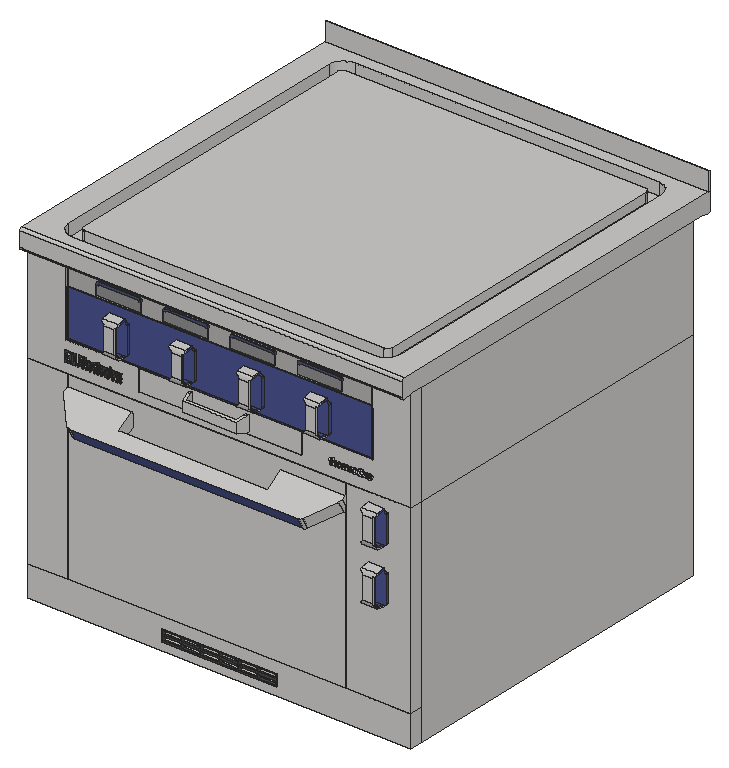
Revit family "QF_ELECTROLUXPROFESSIONAL_588424_MATGEBH8AO", category Attrezzature speciali, Revit 2020
Family settings
  Quota connettore circolare = Usa diametro
  Tipo di parte = Normale
  Basato su piano di lavoro = No
  Sempre verticale = Sì
  Taglio con vuoti quando caricato = No
  Condiviso = No
  Punto di calcolo locali = No
Parameters (values of type "Standard")
  Weight = 208.00 kg
  Watts = 17300 W
  Volts = 400 V
  URL Manufacturer = "https://www.electroluxprofessional.com/"
  URL = "https://www.electroluxprofessional.com/"
  Steam Supply Size = 0"
  Steam Supply Minimum Pressure = 0.00 psi
  Steam Supply Maximum Pressure = 0.00 psi
  Steam Consumption per Hour = 0
  Refrigeration Suction Line Size = 0 mm
  Refrigeration Liquid Line Size = 0 mm
  Refrigerant Compressor Remote = yes
  Prospetto di default = 0 mm
  Phase = 3
  Modello = "MATGEBH8AO"
  Produttore = "Electrolux Professional"
  Length Actual = 800 mm  # constant formula
  Item Number = "588424"
  Hot Water Size = 0"
  Height Actual = 700 mm  # constant formula
  HP = "23.2 HP"
  Gas Size = 0"
  Gas KW = 0
  Gas Input Pressure = 0.0 Btu/h
  Direct Waste Size = 0"
  Descrizione = "EL.FREE COOK.ST.OVEN,1S,BS,800X800X700H"
  Depth Actual = 800 mm  # constant formula
  Cycle = 50 Hz
  Condensate Return Size = 0"
  Compressed Air Volume = 0 GPM
  Compressed Air Size = 0"
  Compressed Air Pressure = 0.00 psi
  Cold Water Size = 0"
  Accessory = yes
Reference planes
  plane 1 "BACK": y = 0
  plane 2: z = 0
  plane 3 "LEFT": x = 0
  plane 4 "RIGHT": x = 800
  plane 5 "FRONT": y = -800
  plane 6 "TOP": z = 900
  plane 7 "Center (Left/Right)": x = 400
  plane 8: y = -400
  plane 9: z = 200
  plane 10: y = -150
  plane 11 "Panel": y = -755
  plane 12: z = 798
  plane 13: z = 1327
  plane 14: x = 78
  plane 15: x = 722
  plane 16: y = -150
  plane 17: y = -650
  plane 18 "EIx": x = 755
  plane 19 "EIy": y = -585
Forms (mm)
  Extrusion 1, solid, material "QF_Finishes_Stainless Steel"
    sketch origin (-178.969, -4572, 200) x (-1, 0, 0) y (0, -1, 0)
      loop
        line (-178.969, -4527) -> (-178.969, -3817) -> (-978.969, -3817) -> (-978.969, -4527) -> (-178.969, -4527)
    from 450 to 663
  Extrusion 2, solid, material "QF_Finishes_Stainless Steel"
    sketch origin (0, 0, 0) x (0, 1, 0) y (0, 0, 1)
      loop
        line (-755, 200) -> (-755, 265) -> (-780, 265) -> (-780, 200) -> (-755, 200)
    from 0 to 800
  Extrusion 3, solid, material "QF_Finishes_Stainless Steel"
    sketch origin (-588.969, -4562, 200) x (-1, 0, 0) y (0, -1, 0)
      loop
        circle (-1343.969, -3977) r 6.35
    from 0 to -11.851
  Extrusion 4, solid, material "QF_Finishes_Stainless Steel"
    sketch origin (400, 296.4, 1219.2) x (0, 1, 0) y (0, 0, 1)
      loop
        line (-296.4, -319.2) -> (-1091.4, -319.2)
        arc (-1091.4, -319.2) -> (-1094.935, -320.664) -> (-1096.4, -324.2) r 5
        line (-1096.4, -324.2) -> (-1096.4, -355.2)
        arc (-1096.4, -355.2) -> (-1094.971, -358.264) -> (-1091.705, -359.139) r 4
        line (-1091.705, -359.139) -> (-1076.4, -356.231) -> (-316.4, -356.231) -> (-301.094, -359.139)
        arc (-301.094, -359.139) -> (-297.829, -358.264) -> (-296.4, -355.2) r 4
        line (-296.4, -355.2) -> (-296.4, -319.2)
    from -400 to 400
  Extrusion 5, solid, material "QF_Finishes_Stainless Steel"
    sketch origin (0, 0, 900) x (-1, 0, 0) y (0, -1, 0)
      loop
        arc (-88, 59) -> (-80.929, 61.929) -> (-78, 69) r 10
        line (-78, 69) -> (-78, 730)
        arc (-78, 730) -> (-80.929, 737.071) -> (-88, 740) r 10
        line (-88, 740) -> (-712, 740)
        arc (-712, 740) -> (-719.071, 737.071) -> (-722, 730) r 10
        line (-722, 730) -> (-722, 69)
        arc (-722, 69) -> (-719.071, 61.929) -> (-712, 59) r 10
        line (-712, 59) -> (-88, 59)
    from 0 to -20
  Extrusion 6, solid, material "QF_Finishes_Stainless Steel"
    sketch origin (-178.969, -4572, 200) x (-1, 0, 0) y (0, -1, 0)
      loop
        line (-178.969, -4527) -> (-178.969, -3817) -> (-978.969, -3817) -> (-978.969, -4527) -> (-178.969, -4527)
    from 450 to 0
  Extrusion 7, void
    sketch origin (0, -755, 0) x (-1, 0, 0) y (0, 0, 1)
      loop
        line (-520, 216.594) -> (-280, 216.594) -> (-280, 241.594) -> (-520, 241.594) -> (-520, 216.594)
    from 0 to -25
  Extrusion 8, solid, material "QF_Finishes_Black"
    sketch origin (0, -755, 0) x (-1, 0, 0) y (0, 0, 1)
      loop
        line (-280, 241.594) -> (-520, 241.594) -> (-520, 216.594) -> (-280, 216.594) -> (-280, 241.594)
      loop
        line (-282, 239.594) -> (-319.131, 239.594) -> (-319.131, 230.094) -> (-282, 230.094) -> (-282, 239.594)
      loop
        line (-282, 218.594) -> (-282, 228.094) -> (-319.131, 228.094) -> (-319.131, 218.594) -> (-282, 218.594)
      loop
        line (-321.131, 239.594) -> (-359.066, 239.594) -> (-359.066, 230.094) -> (-321.131, 230.094) -> (-321.131, 239.594)
      loop
        line (-399, 239.594) -> (-399, 230.094) -> (-361.066, 230.094) -> (-361.066, 239.594) -> (-399, 239.594)
      loop
        line (-401, 239.594) -> (-438.934, 239.594) -> (-438.934, 230.094) -> (-401, 230.094) -> (-401, 239.594)
      loop
        line (-359.066, 218.594) -> (-321.131, 218.594) -> (-321.131, 228.094) -> (-359.066, 228.094) -> (-359.066, 218.594)
      loop
        line (-361.066, 218.594) -> (-361.066, 228.094) -> (-399, 228.094) -> (-399, 218.594) -> (-361.066, 218.594)
      loop
        line (-401, 228.094) -> (-438.934, 228.094) -> (-438.934, 218.594) -> (-401, 218.594) -> (-401, 228.094)
      loop
        line (-518, 239.594) -> (-518, 230.094) -> (-480.869, 230.094) -> (-480.869, 239.594) -> (-518, 239.594)
      loop
        line (-518, 218.594) -> (-480.869, 218.594) -> (-480.869, 228.094) -> (-518, 228.094) -> (-518, 218.594)
      loop
        line (-478.869, 239.594) -> (-478.869, 230.094) -> (-440.934, 230.094) -> (-440.934, 239.594) -> (-478.869, 239.594)
      loop
        line (-440.934, 218.594) -> (-440.934, 228.094) -> (-478.869, 228.094) -> (-478.869, 218.594) -> (-440.934, 218.594)
    from -25.03 to -20
  Extrusion 9, void
    sketch origin (0, 0, 900) x (-1, 0, 0) y (0, -1, 0)
      loop
        arc (-53, 740) -> (-61.787, 761.213) -> (-83, 770) r 30
        line (-83, 770) -> (-717, 770)
        arc (-717, 770) -> (-738.213, 761.213) -> (-747, 740) r 30
        line (-747, 740) -> (-747, 59)
        arc (-747, 59) -> (-738.213, 37.787) -> (-717, 29) r 30
        line (-717, 29) -> (-83, 29)
        arc (-83, 29) -> (-61.787, 37.787) -> (-53, 59) r 30
        line (-53, 59) -> (-53, 740)
    from 0 to -25
  Extrusion 10, solid, material "QF_Finishes_Stainless Steel"
    sketch origin (0, 0, 900) x (-1, 0, 0) y (0, -1, 0)
      loop
        line (-82, 63) -> (-82, 736) -> (-718, 736) -> (-718, 63) -> (-82, 63)
    from -20 to -25
  Extrusion 11, solid, material "QF_Finishes_Stainless Steel"
    sketch origin (400, 296.4, 1219.2) x (0, 1, 0) y (0, 0, 1)
      loop
        line (-299.4, -319.2) -> (-296.4, -319.2) -> (-296.4, -281.2) -> (-299.4, -281.2) -> (-299.4, -319.2)
    from -400 to 400
Cuts and joins
  Extrusion 7 cuts Extrusion 6
  Extrusion 7 cuts Extrusion 2
  Extrusion 9 cuts Extrusion 4
Lines and regions (mm)
  symbolic lines
    curve 1: line (0, 0, 200) -> (800, 0, 200)
    curve 2: line (0, -800, 200) -> (0, 0, 200)
    curve 3: line (800, -800, 200) -> (0, -800, 200)
    curve 4: line (800, 0, 200) -> (800, -800, 200)
    curve 5: line (712, -59, 200) -> (88, -59, 200)
    curve 6: line (722, -680, 200) -> (722, -69, 200)
    curve 7: arc (88, -59, 200) -> (80.929, -61.929, 200) -> (78, -69, 200) r 10
    curve 8: arc (722, -69, 200) -> (719.071, -61.929, 200) -> (712, -59, 200) r 10
    curve 9: line (712, -741, 200) -> (88, -741, 200)
    curve 10: arc (88, -741, 200) -> (80.929, -738.071, 200) -> (78, -731, 200) r 10
    curve 11: arc (722, -731, 200) -> (719.071, -738.071, 200) -> (712, -741, 200) r 10
    curve 12: line (78, -69, 0) -> (78, -731, 0)
    curve 13: line (722, -731, 0) -> (722, -69, 0)
    curve 14: arc (83, -29, 0) -> (61.787, -37.787, 0) -> (53, -59, 0) r 30
    curve 15: line (717, -29, 0) -> (83, -29, 0)
    curve 16: line (53, -59, 0) -> (53, -740, 0)
    curve 17: line (747, -740, 0) -> (747, -59, 0)
    curve 18: arc (747, -59, 0) -> (738.213, -37.787, 0) -> (717, -29, 0) r 30
    curve 19: arc (717, -770, 0) -> (738.213, -761.213, 0) -> (747, -740, 0) r 30
    curve 20: line (83, -770, 0) -> (717, -770, 0)
    curve 21: arc (53, -740, 0) -> (61.787, -761.213, 0) -> (83, -770, 0) r 30
Dimensions and locks
  plane 3 "LEFT" to plane 4 "RIGHT" = 800 mm
  plane 5 "FRONT" to plane 1 "BACK" = 800 mm
  equal spacing: plane 3 "LEFT", plane 7 "Center (Left/Right)", plane 4 "RIGHT"
  equal spacing: plane 5 "FRONT", plane 8, plane 1 "BACK"
  plane 6 "TOP" to level = 900 mm  (x2)
  plane 9 to level = 200 mm
  plane 1 "BACK" to plane 10 to plane 11 "Panel" = 150 mm, 605 mm  (x2)
  plane 6 "TOP" to plane 9 to level = 700 mm, 200 mm
  plane 1 "BACK" to plane 5 "FRONT" = 800 mm
  plane 1 "BACK" to Extrusion 3 = 585 mm
  plane 12 to plane 9 = 598 mm
  plane 13 to plane 6 "TOP" = 427 mm
  plane 6 "TOP" to plane 12 = 102 mm
  plane 14 to plane 3 "LEFT" = 78 mm
  plane 15 to plane 4 "RIGHT" = 78 mm
  locked: plane 1 "BACK" to plane 16 at 150
  locked: plane 16 to plane 17 at 500
  plane 11 "Panel" to plane 5 "FRONT" = 45 mm
  plane 18 "EIx" to plane 4 "RIGHT" = 45 mm
  plane 19 "EIy" to plane 1 "BACK" = 585 mm
  aligned and locked: level to plane 2
  aligned and locked: Extrusion 2 to plane 4 "RIGHT"
  aligned and locked: plane 3 "LEFT" to nested 1
Automatic sketch dimensions
  Extrusion 2 sketch curve to plane 9 = 0 mm
  Extrusion 2 sketch curve to plane 11 "Panel" = 0 mm
  Extrusion 2 sketch curve to plane 5 "FRONT" = 20 mm
  plane 9 to Extrusion 2 sketch curve = 65 mm
  Extrusion 3 sketch curve to plane 18 "EIx" = 0 mm
  Extrusion 3 sketch curve to plane 19 "EIy" = 0 mm
  Extrusion 4 sketch curve to plane 5 "FRONT" = 0 mm
  Extrusion 4 sketch curve to plane 6 "TOP" = 0 mm
  Extrusion 4 sketch curve to plane 1 "BACK" = 0 mm
  Extrusion 4 sketch curve to plane 5 "FRONT" = 4 mm
  Extrusion 4 sketch curve to Extrusion 4 sketch curve = 0.695 mm
  Extrusion 4 sketch curve to plane 5 "FRONT" = 5 mm
  Extrusion 4 sketch curve to Extrusion 4 sketch curve = 15.305 mm
  plane 1 "BACK" to Extrusion 4 sketch curve = 20 mm
  plane 1 "BACK" to Extrusion 4 sketch curve = 4.695 mm
  Extrusion 4 sketch curve to Extrusion 4 sketch curve = 4 mm
  Extrusion 4 sketch curve to Extrusion 4 sketch curve = 31 mm
  Extrusion 4 sketch curve to plane 6 "TOP" = 36 mm
  Extrusion 4 sketch curve to Extrusion 4 sketch curve = 2.909 mm
  Extrusion 5 sketch curve to plane 15 = 0 mm
  Extrusion 5 sketch curve to plane 14 = 0 mm
  plane 15 to Extrusion 5 sketch curve = 10 mm  (x2)
  Extrusion 5 sketch curve to Extrusion 5 sketch curve = 10 mm  (x2)
  plane 10 to Extrusion 5 sketch curve = 91 mm
  plane 17 to Extrusion 5 sketch curve = 80 mm
  plane 9 to Extrusion 7 sketch curve = 41.594 mm
  plane 7 "Center (Left/Right)" to Extrusion 7 sketch curve = 120 mm
  Extrusion 7 sketch curve to plane 7 "Center (Left/Right)" = 120 mm
  plane 9 to Extrusion 7 sketch curve = 16.594 mm
  plane 9 to Extrusion 8 sketch curve = 41.594 mm
  plane 7 "Center (Left/Right)" to Extrusion 8 sketch curve = 120 mm
  Extrusion 8 sketch curve to Extrusion 8 sketch curve = 2 mm  (x15)
  Extrusion 8 sketch curve to Extrusion 8 sketch curve = 0 mm  (x16)
  Extrusion 8 sketch curve to Extrusion 8 sketch curve = 37.131 mm  (x2)
  Extrusion 8 sketch curve to Extrusion 8 sketch curve = 37.934 mm  (x3)
  plane 7 "Center (Left/Right)" to Extrusion 8 sketch curve = 1 mm  (x2)
  Extrusion 8 sketch curve to plane 7 "Center (Left/Right)" = 1 mm  (x2)
  plane 9 to Extrusion 8 sketch curve = 18.594 mm  (x4)
  Extrusion 8 sketch curve to Extrusion 8 sketch curve = 9.5 mm  (x6)
  Extrusion 10 sketch curve to plane 14 = 4 mm
  plane 15 to Extrusion 10 sketch curve = 4 mm
  plane 17 to Extrusion 10 sketch curve = 86 mm
  plane 10 to Extrusion 10 sketch curve = 87 mm
  Extrusion 11 sketch curve to plane 6 "TOP" = 0 mm
  Extrusion 11 sketch curve to plane 1 "BACK" = 0 mm
  Extrusion 11 sketch curve to Extrusion 11 sketch curve = 3 mm
  Extrusion 11 sketch curve to Extrusion 11 sketch curve = 38 mm
  plane 18 "EIx" to Extrusion 9 sketch curve = 8 mm
  plane 15 to Extrusion 9 sketch curve = 5 mm  (x2)
  Extrusion 9 sketch curve to plane 14 = 5 mm  (x2)
  plane 14 to Extrusion 9 sketch curve = 25 mm
  plane 1 "BACK" to Extrusion 9 sketch curve = 29 mm
  plane 11 "Panel" to Extrusion 9 sketch curve = 15 mm
  Extrusion 1 sketch curve to plane 4 "RIGHT" = 0 mm
  Extrusion 1 sketch curve to plane 3 "LEFT" = 0 mm
  Extrusion 1 sketch curve to plane 11 "Panel" = 0 mm
  plane 1 "BACK" to Extrusion 1 sketch curve = 45 mm
  plane 1 "BACK" to curve 1 = 0 mm
  curve 1 to plane 4 "RIGHT" = 0 mm
  curve 6 to plane 15 = 0 mm
  curve 11 to plane 15 = 0 mm
  curve 10 to plane 14 = 0 mm
  curve 7 to plane 14 = 0 mm
  curve 2 to plane 3 "LEFT" = 0 mm
  plane 5 "FRONT" to curve 3 = 0 mm
  plane 15 to curve 9 = 10 mm
  plane 15 to curve 5 = 10 mm
  curve 7 to plane 14 = 10 mm
  curve 10 to plane 14 = 10 mm
  plane 1 "BACK" to curve 5 = 59 mm
  plane 17 to curve 6 = 30 mm
  plane 11 "Panel" to curve 11 = 24 mm
  Extrusion 6 sketch curve to plane 4 "RIGHT" = 0 mm
  Extrusion 6 sketch curve to plane 3 "LEFT" = 0 mm
  Extrusion 6 sketch curve to plane 11 "Panel" = 0 mm
  plane 1 "BACK" to Extrusion 6 sketch curve = 45 mm
  curve 12 to plane 14 = 0 mm
  curve 13 to plane 15 = 0 mm
  plane 11 "Panel" to curve 12 = 24 mm
  plane 11 "Panel" to curve 13 = 24 mm
  plane 1 "BACK" to curve 13 = 69 mm
  curve 14 to plane 14 = 5 mm
  curve 12 to curve 14 = 10 mm
  plane 1 "BACK" to curve 15 = 29 mm
  plane 15 to curve 15 = 5 mm
  plane 11 "Panel" to curve 16 = 15 mm
  plane 18 "EIx" to curve 17 = 8 mm
  plane 11 "Panel" to curve 17 = 15 mm
  plane 15 to curve 19 = 5 mm
  curve 20 to plane 14 = 5 mm
  radius of Extrusion 3 sketch curve = 6.35 mm
Nested families
  nested 1: "Door_Panel_W800_A" at (300, -755, 0), type "Door_Panel_W800_A"
  nested 2: "FIT Range Control Handle" at (730, -783.167, -372.751), type "FIT Range Control Handle"
  nested 3: "FIT Range Control Handle" at (730, -783.167, -484.751), type "FIT Range Control Handle"
  nested 4: "Front_Panel_W800_Four Knobs" at (202.376, -755, 0), type "Front_Panel_W800_Four Knobs"
Connectors
  electrical at (755, -585, 188.149)
    settings: on Extrusion 3, index 1, voltage 400 V, apparent load 33000 VA, apparent load phase1 0 VA, apparent load phase2 0 VA, apparent load phase3 0 VA, power factor 1, load classification "Other", number of poles 1, system type 30, power factor state 1, is connector primary yes, connector utility no, sub classification motor no, connector description "ELECTRICAL CONNECTION"
Definition of nested family "Door_Panel_W800_A"
  Parameters
    Default Elevation = 0 mm
  Reference planes
    plane 1 "Center (Front/Back)": y = 0
    plane 2 "Ref. Level": z = 0
    plane 3: x = 500
    plane 4: x = -300
    plane 5 "Center (Left/Right)": x = 100
    plane 6: x = -215
    plane 7: x = 365
    plane 8 "Manopola": through (-6096, -50.059, 612.389) normal (0, -0.515, 0.8572)
    plane 9 "Top": z = 650
    plane 10: z = 265
    plane 11: z = 200
  Forms (mm)
    Extrusion 1, solid
      sketch origin (100, 0, 0) x (0, 1, 0) y (0, 0, 1)
        loop
          line (-25.03, 650) -> (-25.03, 265) -> (0, 265) -> (0, 650) -> (-25.03, 650)
      from 265 to 400
    Extrusion 2, solid
      sketch origin (100, 0, 0) x (0, 1, 0) y (0, 0, 1)
        loop
          line (-25.03, 650) -> (-25.03, 265) -> (0, 265) -> (0, 650) -> (-25.03, 650)
      from -400 to -315
    Extrusion 3, solid
      sketch origin (100, 0, 0) x (0, 1, 0) y (0, 0, 1)
        loop
          line (-25.03, 650) -> (-25.03, 265) -> (0, 265) -> (0, 650) -> (-25.03, 650)
      from -315 to 265
    Extrusion 4, solid
      sketch origin (0, -283.633, 472.044) x (0, 0.857167, 0.515038) y (-1, 0, 0)
        loop
          line (299.12, -365) -> (299.12, 215) -> (290.982, 215)
          arc (290.982, 215) -> (286.677, 214.026) -> (283.211, 211.293) r 10
          line (283.211, 211.293) -> (233.28, 170.86)
          arc (233.28, 170.86) -> (230.548, 167.394) -> (229.574, 163.089) r 10
          line (229.574, 163.089) -> (229.574, -313.089)
          arc (229.574, -313.089) -> (230.548, -317.394) -> (233.28, -320.86) r 10
          line (233.28, -320.86) -> (283.211, -361.293)
          arc (283.211, -361.293) -> (286.677, -364.026) -> (290.982, -365) r 10
          line (290.982, -365) -> (299.12, -365)
      from -27 to 0
    Extrusion 5, void
      sketch origin (100, 0, 0) x (0, 1, 0) y (0, 0, 1)
        loop
          line (-61.514, 605.507) -> (-47.608, 582.363) -> (-25.03, 595.93) -> (-25.03, 627.429) -> (-61.514, 605.507)
      from -180 to 130
    Extrusion 6, solid, detail levels coarse
      sketch origin (100, 0, 0) x (0, 1, 0) y (0, 0, 1)
        loop
          line (-25.03, 265) -> (-25.03, 650)
          arc (-25.03, 650) -> (-297.266, 537.236) -> (-410.03, 265) r 385
          line (-410.03, 265) -> (-25.03, 265)
      from -315 to 265
  Cuts and joins
    Extrusion 5 cuts Extrusion 4
    joined: Extrusion 3, Extrusion 4
  Lines and regions (mm)
    symbolic lines
      curve 1: line (-207.355, -45.043, 0) -> (-170.86, -83.673, 0)
      curve 2: line (-163.089, -86.85, 0) -> (313.089, -86.85, 0)
      curve 3: line (320.86, -83.673, 0) -> (357.355, -45.043, 0)
      curve 4: arc (-163.089, -86.85, 0) -> (-167.318, -86.101, 0) -> (-170.86, -83.673, 0) r 10.165
      curve 5: arc (313.089, -86.85, 0) -> (317.318, -86.101, 0) -> (320.86, -83.673, 0) r 10.165
      curve 6: line (-215, -45.043, 0) -> (-215, -410.03, 0)
      curve 7: line (-215, -410.03, 0) -> (365, -410.03, 0)
      curve 8: line (365, -410.03, 0) -> (365, -45.03, 0)
  Dimensions and locks
    plane 3 to plane 4 = 800 mm
    plane 4 to plane 3 = 800 mm
    equal spacing: plane 3, plane 5 "Center (Left/Right)", plane 4
    plane 6 to plane 4 = 85 mm
    plane 3 to plane 7 = 135 mm
    plane 11 to level = 200 mm
    plane 10 to plane 11 = 65 mm
    plane 10 to plane 9 "Top" = 385 mm
    plane 9 "Top" to plane 11 = 450 mm
    aligned and locked: plane 3 to Extrusion 1
    aligned and locked: cut or joined group of Extrusion 3, Extrusion 4, Extrusion 5 to plane 6
    aligned and locked: cut or joined group of Extrusion 3, Extrusion 4, Extrusion 5 to plane 7
    aligned and locked: plane 7 to Extrusion 1
    aligned and locked: plane 6 to Extrusion 2
    aligned and locked: Extrusion 2 to plane 4
    aligned and locked: plane 10 to Extrusion 2
    aligned and locked: plane 10 to cut or joined group of Extrusion 3, Extrusion 4, Extrusion 5
    aligned and locked: plane 10 to Extrusion 1
    aligned and locked: Extrusion 6 to plane 6
    aligned and locked: Extrusion 6 to plane 7
  Automatic sketch dimensions
    Extrusion 5 sketch curve to plane 8 "Manopola" = 0 mm  (x2)
    plane 1 "Center (Front/Back)" to Extrusion 5 sketch curve = 61.514 mm
    Extrusion 5 sketch curve to Extrusion 5 sketch curve = 13.906 mm
    plane 1 "Center (Front/Back)" to Extrusion 5 sketch curve = 25.03 mm
    Extrusion 4 sketch curve to plane 7 = 0 mm
    Extrusion 4 sketch curve to plane 6 = 0 mm
    plane 6 to Extrusion 4 sketch curve = 51.911 mm
    plane 7 to Extrusion 4 sketch curve = 44.14 mm
    Extrusion 4 sketch curve to Extrusion 4 sketch curve = 3.707 mm  (x2)
    plane 6 to Extrusion 4 sketch curve = 44.14 mm
    plane 7 to Extrusion 4 sketch curve = 3.707 mm
    Extrusion 4 sketch curve to Extrusion 4 sketch curve = 49.93 mm  (x2)
    plane 6 to Extrusion 4 sketch curve = 3.707 mm
    Extrusion 4 sketch curve to Extrusion 4 sketch curve = 7.771 mm  (x3)
    Extrusion 4 sketch curve to Extrusion 4 sketch curve = 8.138 mm
    Extrusion 2 sketch curve to plane 1 "Center (Front/Back)" = 0 mm
    Extrusion 3 sketch curve to plane 1 "Center (Front/Back)" = 0 mm
    Extrusion 1 sketch curve to plane 1 "Center (Front/Back)" = 0 mm
    Extrusion 2 sketch curve to plane 9 "Top" = 0 mm
    Extrusion 2 sketch curve to Extrusion 2 sketch curve = 25.03 mm
    Extrusion 3 sketch curve to plane 9 "Top" = 0 mm
    Extrusion 3 sketch curve to Extrusion 3 sketch curve = 25.03 mm
    Extrusion 1 sketch curve to plane 9 "Top" = 0 mm
    plane 1 "Center (Front/Back)" to Extrusion 1 sketch curve = 25.03 mm
    level to Extrusion 1 sketch curve = 265 mm
    level to Extrusion 2 sketch curve = 265 mm
    level to Extrusion 3 sketch curve = 265 mm
    plane 10 to Extrusion 6 sketch curve = 0 mm
    Extrusion 6 sketch curve to plane 9 "Top" = 0 mm
    plane 1 "Center (Front/Back)" to Extrusion 6 sketch curve = 25.03 mm
    curve 7 to plane 7 = 0 mm
    plane 6 to curve 1 = 44.14 mm
    curve 4 to curve 4 = 7.389 mm
    curve 4 to curve 2 = 7.771 mm
    plane 7 to curve 2 = 51.911 mm
    curve 2 to curve 5 = 0.382 mm
    curve 2 to curve 3 = 7.771 mm
    plane 1 "Center (Front/Back)" to curve 6 = 410.03 mm
    plane 1 "Center (Front/Back)" to curve 2 = 86.85 mm
    curve 2 to curve 3 = 3.177 mm
    curve 2 to curve 1 = 3.177 mm
    plane 7 to curve 3 = 7.645 mm
    plane 1 "Center (Front/Back)" to curve 3 = 45.043 mm
    curve 3 to curve 8 = 0.013 mm
    curve 7 to plane 6 = 0 mm
    curve 6 to curve 1 = 7.645 mm
    plane 1 "Center (Front/Back)" to curve 1 = 45.043 mm
    curve 6 to curve 1 = 0 mm
Definition of nested family "FIT Range Control Handle"
  Parameters
    Default Elevation = 0 mm
  Reference planes
    plane 1 "Center (Front/Back)": y = 0
    plane 2: z = 0
    plane 3 "Center (Left/Right)": x = 0
    plane 4: z = 971.092
    plane 5: y = -16.8
  Forms (mm)
    Extrusion 1, solid
      sketch origin (-746.28, 380.497, 208.931) x (-1, 0, 0) y (0, 0, 1)
        loop
          line (-770.101, 786.798) -> (-770.101, 731.649)
          arc (-770.101, 731.649) -> (-769.759, 730.563) -> (-768.855, 729.87) r 1.893
          line (-768.855, 729.87) -> (-763.474, 727.911) -> (-729.81, 727.911) -> (-724.428, 729.87)
          arc (-724.428, 729.87) -> (-723.525, 730.563) -> (-723.183, 731.649) r 1.893
          line (-723.183, 731.649) -> (-723.183, 786.798)
          arc (-723.183, 786.798) -> (-723.529, 787.894) -> (-724.44, 788.593) r 1.91
          line (-724.44, 788.593) -> (-729.683, 790.819) -> (-763.601, 790.819) -> (-768.844, 788.593)
          arc (-768.844, 788.593) -> (-769.755, 787.894) -> (-770.101, 786.798) r 1.91
      from -382.35 to -378.852
    Sweep 2, solid
      path origin (-746.788, 380.496, 208.091) x (0, -1, 0) y (0, 0, 1)
        loop
          line (379.775, 793.281) -> (395.661, 791.048)
          arc (395.661, 791.048) -> (397.781, 787.377) -> (398.517, 783.202) r 12.207
          line (398.517, 783.202) -> (398.517, 737.368)
          arc (398.517, 737.368) -> (397.781, 733.193) -> (395.661, 729.522) r 12.207
          line (395.661, 729.522) -> (379.775, 727.289)
      profile origin (-746.788, -7.222, 1000.256) x (0, -0.139173, 0.990268) y (-1, 0, 0)
        loop
          line (0.782, -763.123) -> (0.782, -730.907) -> (-1.322, -730.907) -> (-1.322, -763.123) -> (0.782, -763.123)
    Sweep 3, solid
      path origin (-746.788, 380.715, 207.832) x (0, -1, 0) y (0, 0, 1)
        loop
          line (380.478, 795.442) -> (397.218, 793.09)
          arc (397.218, 793.09) -> (399.929, 788.473) -> (400.871, 783.202) r 15.207
          line (400.871, 783.202) -> (400.871, 737.584)
          arc (400.871, 737.584) -> (399.914, 732.274) -> (397.164, 727.633) r 15.207
          line (397.164, 727.633) -> (380.601, 725.305)
      profile origin (-746.788, -8.132, 1002.099) x (0, -0.139173, 0.990268) y (-1, 0, 0)
        loop
          line (0.782, -763.123) -> (0.782, -730.907) -> (-1.322, -730.907) -> (-1.322, -763.123) -> (0.782, -763.123)
    Extrusion 4, void
      sketch origin (889.253, 220.666, 207.993) x (1, 0, 0) y (0, 0, 1)
        loop
          line (-943.038, 816.854) -> (-943.038, 703.686) -> (-899.466, 734.196) -> (-899.466, 786.344) -> (-943.038, 816.854)
      from 230.636 to 242.25
    Extrusion 5, void
      sketch origin (-888.8, 220.666, 207.993) x (-1, 0, 0) y (0, 0, -1)
        loop
          line (-943.038, -816.854) -> (-899.466, -786.344) -> (-899.466, -734.196) -> (-943.038, -703.686) -> (-943.038, -816.854)
      from 230.636 to 242.25
    Extrusion 6, solid
      sketch origin (0, 0, 0) x (1, 0, 0) y (0, 0, 1)
        loop
          circle (0, 971.092) r 7.736
      from -3.137 to -1.645
  Cuts and joins
    Extrusion 4, Extrusion 5 cuts Sweep 3
    Extrusion 4, Extrusion 5 cuts Sweep 2
    joined: Extrusion 1, Extrusion 6
  Lines and regions (mm)
    symbolic lines
      curve 1: line (-15.881, -19.189, 0) -> (-15.881, -16.8, 0)
      curve 2: line (16.334, -19.189, 0) -> (16.334, -16.8, 0)
      curve 3: spline (-15.881, -19.189, 0) -> (-15.417, -19.349, 0) -> (-14.951, -19.501, 0) -> (-14.483, -19.646, 0) -> (-14.014, -19.783, 0) -> (-13.543, -19.912, 0) -> (-13.071, -20.033, 0) -> (-12.597, -20.146, 0) -> (-12.122, -20.251, 0) -> (-11.646, -20.349, 0) -> (-11.169, -20.438, 0) -> (-10.691, -20.52, 0) -> (-10.213, -20.593, 0)
      curve 4: spline (10.666, -20.593, 0) -> (11.144, -20.52, 0) -> (11.622, -20.438, 0) -> (12.099, -20.349, 0) -> (12.575, -20.251, 0) -> (13.05, -20.146, 0) -> (13.524, -20.033, 0) -> (13.996, -19.912, 0) -> (14.467, -19.783, 0) -> (14.936, -19.646, 0) -> (15.404, -19.501, 0) -> (15.87, -19.349, 0) -> (16.334, -19.189, 0)
      curve 5: line (-10.213, -20.938, 0) -> (10.716, -20.938, 0)
  Dimensions and locks
    cut or joined group of Sweep 3, Extrusion 4, Extrusion 5 to cut or joined group of Sweep 3, Extrusion 4, Extrusion 5 = 71.686 mm
Definition of nested family "Front_Panel_W800_Four Knobs"
  Parameters
    Default Elevation = 0 mm
  Reference planes
    plane 1 "Center (Front/Back)": y = 0
    plane 2: z = 0
    plane 3 "Center (Left/Right)": x = 197.624
    plane 4 "Left": x = -202.376
    plane 5 "Right": x = 597.624
    plane 6: y = -45
    plane 7: x = -12.376
    plane 8: x = 127.624
    plane 9: y = -310
    plane 10: y = -25
    plane 11: x = 517.624
    plane 12: x = -122.376
  Forms (mm)
    Extrusion 1, solid
      sketch origin (833.217, 829.203, -1.25) x (0, 1, 0) y (0, 0, 1)
        loop
          line (-854.203, 651.25) -> (-829.203, 651.25) -> (-829.203, 864.25) -> (-854.203, 864.25) -> (-854.203, 651.25)
      from -1035.593 to -235.593
    Extrusion 2, void
      sketch origin (0, 0, 0) x (1, 0, 0) y (0, 0, 1)
        loop
          line (-122.376, 853.866) -> (-122.376, 711.866) -> (517.624, 711.866) -> (517.624, 853.866) -> (-122.376, 853.866)
      from 19.387 to 33.951
    Extrusion 3, void
      sketch origin (0, 0, 0) x (1, 0, 0) y (0, 0, 1)
        loop
          line (30.124, 711.866) -> (30.124, 666.866) -> (370.124, 666.866) -> (370.124, 711.866) -> (30.124, 711.866)
      from 19.387 to 25
    Extrusion 4, solid
      sketch origin (0, 0, 0) x (1, 0, 0) y (0, 0, 1)
        loop
          line (31.124, 710.866) -> (31.124, 667.866) -> (369.124, 667.866) -> (369.124, 710.866) -> (31.124, 710.866)
      from 19.387 to 25
    Extrusion 5, solid
      sketch origin (0, 0, 0) x (1, 0, 0) y (0, 1, 0)
        loop
          line (141.059, -25) -> (135.966, -25) -> (140.646, -49.075) -> (254.603, -49.075) -> (259.283, -25) -> (254.189, -25) -> (250.481, -44.075) -> (144.767, -44.075) -> (141.059, -25)
      from 672.593 to 705.67
    Extrusion 6, void
      sketch origin (197.624, 0, 0) x (0, 1, 0) y (0, 0, 1)
        loop
          line (-30, 705.67) -> (-30, 710.67) -> (-56.744, 710.67) -> (-56.744, 667.593) -> (-30, 667.593) -> (-30, 672.593) -> (-53.776, 680.318) -> (-53.776, 697.945) -> (-30, 705.67)
      from -70 to 70
    Extrusion 7, solid, detail levels coarse
      sketch origin (0, -265, 0) x (1, 0, 0) y (0, 1, 0)
        loop
          line (140.646, -69.075) -> (254.603, -69.075) -> (259.283, -45) -> (364.124, -45) -> (364.124, 240) -> (31.124, 240) -> (31.124, -45) -> (135.966, -45) -> (140.646, -69.075)
      from 672.593 to 705.67
    Extrusion 8, void
      sketch origin (197.624, -280, 0) x (0, 1, 0) y (0, 0, 1)
        loop
          line (-30, 705.67) -> (-30, 710.67) -> (-56.744, 710.67) -> (-56.744, 667.593) -> (-30, 667.593) -> (-30, 672.593) -> (-53.776, 680.318) -> (-53.776, 697.945) -> (-30, 705.67)
      from -70 to 70
  Cuts and joins
    Extrusion 2, Extrusion 3 cuts Extrusion 1
    Extrusion 6, Extrusion 8 cuts Extrusion 5
    Extrusion 8 cuts Extrusion 7
  Lines and regions (mm)
    symbolic lines
      curve 1: line (31.124, -45, 0) -> (31.124, -310, 0)
      curve 2: line (31.124, -310, 0) -> (364.124, -310, 0)
      curve 3: line (135.966, -310, 0) -> (140.646, -334.075, 0)
      curve 4: line (140.646, -334.075, 0) -> (254.603, -334.075, 0)
      curve 5: line (254.603, -334.075, 0) -> (259.283, -310, 0)
      curve 6: line (364.124, -310, 0) -> (364.124, -45, 0)
      curve 7: line (31.124, -300, 0) -> (364.124, -300, 0)
      curve 8: line (140.874, -309.046, 0) -> (144.767, -329.075, 0)
      curve 9: line (144.767, -329.075, 0) -> (250.481, -329.075, 0)
      curve 10: line (250.481, -329.075, 0) -> (254.375, -309.046, 0)
  Dimensions and locks
    equal spacing: plane 5 "Right", plane 3 "Center (Left/Right)", plane 4 "Left"
    plane 5 "Right" to plane 4 "Left" = 800 mm
    plane 3 "Center (Left/Right)" to plane 7 = 210 mm
    plane 3 "Center (Left/Right)" to plane 8 = 70 mm
    plane 6 to plane 9 = 265 mm
    aligned and locked: cut or joined group of Extrusion 1, Extrusion 2, Extrusion 3 to plane 4 "Left"
    aligned and locked: plane 5 "Right" to cut or joined group of Extrusion 1, Extrusion 2, Extrusion 3
    aligned and locked: plane 3 "Center (Left/Right)" to nested 2
    aligned and locked: cut or joined group of Extrusion 1, Extrusion 2, Extrusion 3 to nested 2
  Automatic sketch dimensions
    plane 7 to Extrusion 3 sketch curve = 42.5 mm
    plane 3 "Center (Left/Right)" to Extrusion 3 sketch curve = 172.5 mm
    level to Extrusion 3 sketch curve = 666.866 mm
    Extrusion 3 sketch curve to Extrusion 3 sketch curve = 45 mm
    plane 7 to Extrusion 4 sketch curve = 43.5 mm
    plane 3 "Center (Left/Right)" to Extrusion 4 sketch curve = 171.5 mm
    level to Extrusion 4 sketch curve = 667.866 mm
    Extrusion 4 sketch curve to Extrusion 4 sketch curve = 43 mm
    plane 8 to Extrusion 5 sketch curve = 8.342 mm
    plane 6 to Extrusion 5 sketch curve = 4.075 mm
    plane 8 to Extrusion 5 sketch curve = 13.021 mm
    Extrusion 5 sketch curve to Extrusion 5 sketch curve = 5.094 mm  (x2)
    Extrusion 5 sketch curve to plane 6 = 0.925 mm
    Extrusion 5 sketch curve to Extrusion 5 sketch curve = 4.122 mm  (x2)
    plane 3 "Center (Left/Right)" to Extrusion 5 sketch curve = 52.857 mm
    Extrusion 5 sketch curve to plane 6 = 20 mm  (x2)
    Extrusion 5 sketch curve to Extrusion 5 sketch curve = 3.708 mm
    plane 6 to Extrusion 6 sketch curve = 11.744 mm
    plane 6 to Extrusion 6 sketch curve = 8.776 mm
    Extrusion 6 sketch curve to plane 6 = 15 mm  (x2)
    level to Extrusion 6 sketch curve = 667.593 mm
    Extrusion 6 sketch curve to Extrusion 6 sketch curve = 5 mm
    Extrusion 6 sketch curve to Extrusion 6 sketch curve = 12.725 mm  (x2)
    Extrusion 6 sketch curve to Extrusion 6 sketch curve = 17.627 mm
    Extrusion 6 sketch curve to Extrusion 6 sketch curve = 7.725 mm
    Extrusion 8 sketch curve to plane 9 = 26.744 mm
    Extrusion 8 sketch curve to plane 9 = 23.776 mm
    plane 9 to Extrusion 8 sketch curve = 0 mm  (x2)
    level to Extrusion 8 sketch curve = 667.593 mm
    Extrusion 8 sketch curve to Extrusion 8 sketch curve = 5 mm
    Extrusion 8 sketch curve to Extrusion 8 sketch curve = 12.725 mm  (x2)
    Extrusion 8 sketch curve to Extrusion 8 sketch curve = 17.627 mm
    Extrusion 8 sketch curve to Extrusion 8 sketch curve = 7.725 mm
    plane 9 to Extrusion 7 sketch curve = 0 mm  (x2)
    plane 7 to Extrusion 7 sketch curve = 43.5 mm
    plane 8 to Extrusion 7 sketch curve = 8.342 mm
    Extrusion 7 sketch curve to plane 9 = 24.075 mm
    plane 8 to Extrusion 7 sketch curve = 13.021 mm
    Extrusion 7 sketch curve to Extrusion 7 sketch curve = 104.842 mm
    Extrusion 7 sketch curve to plane 6 = 20 mm
    plane 3 "Center (Left/Right)" to Extrusion 7 sketch curve = 56.979 mm
    Extrusion 7 sketch curve to Extrusion 7 sketch curve = 4.68 mm
    Extrusion 1 sketch curve to plane 1 "Center (Front/Back)" = 0 mm
    level to Extrusion 1 sketch curve = 650 mm
    plane 4 "Left" to Extrusion 2 sketch curve = 80 mm
    Extrusion 2 sketch curve to plane 5 "Right" = 80 mm
    level to Extrusion 2 sketch curve = 711.866 mm
    Extrusion 2 sketch curve to Extrusion 2 sketch curve = 142 mm
    plane 6 to curve 1 = 0 mm
    plane 6 to curve 6 = 0 mm
    plane 9 to curve 1 = 0 mm
    plane 7 to curve 1 = 43.5 mm
    curve 4 to plane 9 = 24.075 mm
    plane 8 to curve 4 = 13.021 mm
    curve 3 to curve 8 = 4.122 mm
    plane 3 "Center (Left/Right)" to curve 4 = 56.979 mm
    curve 4 to curve 2 = 109.521 mm
    plane 8 to curve 3 = 8.342 mm
    curve 3 to curve 8 = 4.908 mm
    curve 9 to curve 4 = 4.122 mm
    curve 10 to plane 9 = 19.075 mm
    curve 9 to curve 5 = 8.801 mm
    plane 9 to curve 10 = 0.954 mm
    curve 10 to curve 5 = 4.908 mm
    curve 3 to curve 8 = 0.954 mm
    curve 1 to curve 7 = 10 mm
    Extrusion 1 sketch curve to plane 6 = 20 mm
    Extrusion 1 sketch curve to Extrusion 1 sketch curve = 213 mm
  Nested families
    nested 1: "Range Control Handle" at (-12.376, -28.137, -209.113) x (-1, 0, 0) z (0, 0, 1), type "Range Control Handle"
    nested 2: "Front glass control panel W800" at (197.624, 280.644, 2.752), type "Front glass control panel W800"
    nested 3: "Range Control Handle" at (127.624, -28.137, -209.113) x (-1, 0, 0) z (0, 0, 1), type "Range Control Handle"
    nested 4: "Range Control Handle" at (407.624, -28.137, -209.113), type "Range Control Handle"
    nested 5: "Range Control Handle" at (267.624, -28.137, -209.113), type "Range Control Handle"
    nested 6: "ELX_ThermaLine_Small" at (468.838, -25, 679.426) x (1, 0, 0) z (0, -1, 0), type "ELX_ThermaLine_Small"
      with Show Logo yes, Material_Logo none
    nested 7: "ELX_Professional_Logo_Small" at (-62.89, -25, 681.659) x (1, 0, 0) z (0, -1, 0), type "ELX_Professional_Logo_Small"
      with Show Logo yes, Material_Logo none
  Definition of nested family "Range Control Handle"
    Parameters
      Default Elevation = 0 mm
    Reference planes
      plane 1 "Center (Front/Back)": y = 0
      plane 2: z = 0
      plane 3 "Center (Left/Right)": x = 0
      plane 4: z = 971.092
      plane 5: y = -16.9
    Forms (mm)
      Extrusion 1, solid
        sketch origin (-746.28, 380.497, 208.931) x (-1, 0, 0) y (0, 0, 1)
          loop
            line (-770.101, 786.798) -> (-770.101, 731.649)
            arc (-770.101, 731.649) -> (-769.759, 730.563) -> (-768.855, 729.87) r 1.893
            line (-768.855, 729.87) -> (-763.474, 727.911) -> (-729.81, 727.911) -> (-724.428, 729.87)
            arc (-724.428, 729.87) -> (-723.525, 730.563) -> (-723.183, 731.649) r 1.893
            line (-723.183, 731.649) -> (-723.183, 786.798)
            arc (-723.183, 786.798) -> (-723.529, 787.894) -> (-724.44, 788.593) r 1.91
            line (-724.44, 788.593) -> (-729.683, 790.819) -> (-763.601, 790.819) -> (-768.844, 788.593)
            arc (-768.844, 788.593) -> (-769.755, 787.894) -> (-770.101, 786.798) r 1.91
        from -382.35 to -378.852
      Sweep 2, solid
        path origin (-746.788, 380.496, 208.091) x (0, -1, 0) y (0, 0, 1)
          loop
            line (379.775, 793.281) -> (395.661, 791.048)
            arc (395.661, 791.048) -> (397.781, 787.377) -> (398.517, 783.202) r 12.207
            line (398.517, 783.202) -> (398.517, 737.368)
            arc (398.517, 737.368) -> (397.781, 733.193) -> (395.661, 729.522) r 12.207
            line (395.661, 729.522) -> (379.775, 727.289)
        profile origin (-746.788, -7.222, 1000.256) x (0, -0.139173, 0.990268) y (-1, 0, 0)
          loop
            line (0.782, -763.123) -> (0.782, -730.907) -> (-1.322, -730.907) -> (-1.322, -763.123) -> (0.782, -763.123)
      Sweep 3, solid
        path origin (-746.788, 380.715, 207.832) x (0, -1, 0) y (0, 0, 1)
          loop
            line (380.478, 795.442) -> (397.218, 793.09)
            arc (397.218, 793.09) -> (399.929, 788.473) -> (400.871, 783.202) r 15.207
            line (400.871, 783.202) -> (400.871, 737.584)
            arc (400.871, 737.584) -> (399.914, 732.274) -> (397.164, 727.633) r 15.207
            line (397.164, 727.633) -> (380.601, 725.305)
        profile origin (-746.788, -8.132, 1002.099) x (0, -0.139173, 0.990268) y (-1, 0, 0)
          loop
            line (0.782, -763.123) -> (0.782, -730.907) -> (-1.322, -730.907) -> (-1.322, -763.123) -> (0.782, -763.123)
      Extrusion 4, void
        sketch origin (889.253, 220.666, 207.993) x (1, 0, 0) y (0, 0, 1)
          loop
            line (-943.038, 816.854) -> (-943.038, 703.686) -> (-899.466, 734.196) -> (-899.466, 786.344) -> (-943.038, 816.854)
        from 230.636 to 242.25
      Extrusion 5, void
        sketch origin (-888.8, 220.666, 207.993) x (-1, 0, 0) y (0, 0, -1)
          loop
            line (-943.038, -816.854) -> (-899.466, -786.344) -> (-899.466, -734.196) -> (-943.038, -703.686) -> (-943.038, -816.854)
        from 230.636 to 242.25
      Extrusion 6, solid
        sketch origin (0, 0, 0) x (1, 0, 0) y (0, 0, 1)
          loop
            circle (0, 971.092) r 7.736
        from -3.137 to -1.645
    Cuts and joins
      Extrusion 4, Extrusion 5 cuts Sweep 3
      Extrusion 4, Extrusion 5 cuts Sweep 2
      joined: Extrusion 1, Extrusion 6
    Lines and regions (mm)
      symbolic lines
        curve 1: line (16.334, -16.9, 0) -> (16.334, -19.227, 0)
        curve 2: spline (16.334, -19.227, 0) -> (15.87, -19.385, 0) -> (15.404, -19.536, 0) -> (14.936, -19.678, 0) -> (14.466, -19.813, 0) -> (13.995, -19.94, 0) -> (13.523, -20.059, 0) -> (13.049, -20.171, 0) -> (12.575, -20.274, 0) -> (12.099, -20.37, 0) -> (11.622, -20.458, 0) -> (11.144, -20.537, 0) -> (10.666, -20.609, 0)
        curve 3: line (10.666, -16.9, 0) -> (10.666, -20.938, 0)
        curve 4: line (-10.213, -20.938, 0) -> (10.666, -20.938, 0)
        curve 5: line (-10.213, -20.938, 0) -> (-10.213, -16.9, 0)
        curve 6: spline (-10.213, -20.609, 0) -> (-10.691, -20.537, 0) -> (-11.169, -20.458, 0) -> (-11.646, -20.37, 0) -> (-12.122, -20.274, 0) -> (-12.597, -20.171, 0) -> (-13.07, -20.059, 0) -> (-13.542, -19.94, 0) -> (-14.013, -19.813, 0) -> (-14.483, -19.678, 0) -> (-14.951, -19.536, 0) -> (-15.417, -19.385, 0) -> (-15.881, -19.227, 0)
        curve 7: line (-15.881, -19.227, 0) -> (-15.881, -16.9, 0)
  Definition of nested family "Front glass control panel W800"
    Parameters
      Default Elevation = 0 mm
    Reference planes
      plane 1 "Center (Front/Back)": y = 0
      plane 2: z = 0
      plane 3 "Center (Left/Right)": x = 0
    Forms (mm)
      Extrusion 1, solid
        sketch origin (378.286, 0, 0.617) x (1, 0, 0) y (0, 0, 1)
          loop
            line (-698.286, 806.791) -> (-698.286, 708.497) -> (-58.286, 708.497) -> (-58.286, 806.791) -> (-698.286, 806.791)
        from 300.031 to 304.8
      Extrusion 2, solid
        sketch origin (378.286, 0, 0.617) x (1, 0, 0) y (0, 0, 1)
          loop
            line (-698.286, 850.497) -> (-698.286, 806.791) -> (-58.286, 806.791) -> (-58.286, 850.497) -> (-698.286, 850.497)
        from 300.031 to 304.8
      Extrusion 3, void
        sketch origin (378.286, 0, 0.617) x (1, 0, 0) y (0, 0, 1)
          loop
            line (-695.628, 847.565) -> (-695.628, 710.699) -> (-61.196, 710.699) -> (-61.196, 847.565) -> (-695.628, 847.565)
        from 303.697 to 304.8
      Extrusion 4, solid
        sketch origin (-378.333, 1.101, -0.633) x (-1, 0, 0) y (0, 0, -1)
          loop
            line (-261.431, -812.62) -> (-355.186, -812.62) -> (-355.186, -834.177) -> (-350.269, -834.177) -> (-348.469, -835.977) -> (-268.039, -835.977) -> (-266.24, -834.177) -> (-261.431, -834.177) -> (-261.431, -812.62)
        from 304.798 to 306.745
      Extrusion 5, solid
        sketch origin (-378.333, 1.101, -0.633) x (-1, 0, 0) y (0, 0, -1)
          loop
            line (-350.269, -834.177) -> (-355.078, -834.177)
            arc (-355.078, -834.177) -> (-353.942, -838.747) -> (-349.686, -840.763) r 5.5
            line (-349.686, -840.763) -> (-266.98, -840.763)
            arc (-266.98, -840.763) -> (-262.706, -838.752) -> (-261.529, -834.177) r 5.549
            line (-261.529, -834.177) -> (-266.24, -834.177) -> (-268.039, -835.977) -> (-348.469, -835.977) -> (-350.269, -834.177)
        from 304.798 to 306.745
      Extrusion 6, solid
        sketch origin (-518.333, 1.101, -0.633) x (-1, 0, 0) y (0, 0, -1)
          loop
            line (-261.431, -812.62) -> (-355.186, -812.62) -> (-355.186, -834.177) -> (-350.269, -834.177) -> (-348.469, -835.977) -> (-268.039, -835.977) -> (-266.24, -834.177) -> (-261.431, -834.177) -> (-261.431, -812.62)
        from 304.798 to 306.745
      Extrusion 7, solid
        sketch origin (-518.333, 1.101, -0.633) x (-1, 0, 0) y (0, 0, -1)
          loop
            line (-350.269, -834.177) -> (-355.078, -834.177)
            arc (-355.078, -834.177) -> (-353.942, -838.747) -> (-349.686, -840.763) r 5.5
            line (-349.686, -840.763) -> (-266.98, -840.763)
            arc (-266.98, -840.763) -> (-262.706, -838.752) -> (-261.529, -834.177) r 5.549
            line (-261.529, -834.177) -> (-266.24, -834.177) -> (-268.039, -835.977) -> (-348.469, -835.977) -> (-350.269, -834.177)
        from 304.798 to 306.745
      Extrusion 8, solid
        sketch origin (378.333, 1.101, -0.633) x (1, 0, 0) y (0, 0, 1)
          loop
            line (-261.431, 812.62) -> (-261.431, 834.177) -> (-266.24, 834.177) -> (-268.039, 835.977) -> (-348.469, 835.977) -> (-350.269, 834.177) -> (-355.186, 834.177) -> (-355.186, 812.62) -> (-261.431, 812.62)
        from 304.798 to 306.745
      Extrusion 9, solid
        sketch origin (378.333, 1.101, -0.633) x (1, 0, 0) y (0, 0, 1)
          loop
            line (-350.269, 834.177) -> (-348.469, 835.977) -> (-268.039, 835.977) -> (-266.24, 834.177) -> (-261.529, 834.177)
            arc (-261.529, 834.177) -> (-262.706, 838.752) -> (-266.98, 840.763) r 5.549
            line (-266.98, 840.763) -> (-349.686, 840.763)
            arc (-349.686, 840.763) -> (-353.942, 838.747) -> (-355.078, 834.177) r 5.5
            line (-355.078, 834.177) -> (-350.269, 834.177)
        from 304.798 to 306.745
      Extrusion 10, solid
        sketch origin (518.333, 1.101, -0.633) x (1, 0, 0) y (0, 0, 1)
          loop
            line (-261.431, 812.62) -> (-261.431, 834.177) -> (-266.24, 834.177) -> (-268.039, 835.977) -> (-348.469, 835.977) -> (-350.269, 834.177) -> (-355.186, 834.177) -> (-355.186, 812.62) -> (-261.431, 812.62)
        from 304.798 to 306.745
      Extrusion 11, solid
        sketch origin (518.333, 1.101, -0.633) x (1, 0, 0) y (0, 0, 1)
          loop
            line (-350.269, 834.177) -> (-348.469, 835.977) -> (-268.039, 835.977) -> (-266.24, 834.177) -> (-261.529, 834.177)
            arc (-261.529, 834.177) -> (-262.706, 838.752) -> (-266.98, 840.763) r 5.549
            line (-266.98, 840.763) -> (-349.686, 840.763)
            arc (-349.686, 840.763) -> (-353.942, 838.747) -> (-355.078, 834.177) r 5.5
            line (-355.078, 834.177) -> (-350.269, 834.177)
        from 304.798 to 306.745
    Cuts and joins
      Extrusion 3 cuts Extrusion 1
      Extrusion 3 cuts Extrusion 2
    Dimensions and locks
      aligned and locked: Extrusion 1 to Extrusion 2
      aligned and locked: Extrusion 5 sketch curve to Extrusion 4  (x5)
      aligned and locked: Extrusion 5 to Extrusion 4
      aligned and locked: Extrusion 7 sketch curve to Extrusion 6  (x5)
      aligned and locked: Extrusion 7 to Extrusion 6
      aligned and locked: Extrusion 9 sketch curve to Extrusion 8  (x4)
      aligned and locked: Extrusion 8 to Extrusion 9 sketch curve
      aligned and locked: Extrusion 9 to Extrusion 8
      aligned and locked: Extrusion 11 sketch curve to Extrusion 10  (x4)
      aligned and locked: Extrusion 10 to Extrusion 11 sketch curve
      aligned and locked: Extrusion 11 to Extrusion 10
  Definition of nested family "ELX_ThermaLine_Small"
    Parameters
      Show Logo [instance] = yes
      Material_Logo [instance] = none
      Default Elevation = 0 mm
    Reference planes
      plane 1 "Centro (Fronte/Retro)": y = 0
      plane 2: z = 0
      plane 3 "Centro (Sinistra/Destra)": x = 0
    Forms (mm)
      Extrusion 1, solid
        sketch origin (0, 0, 0) x (1, 0, 0) y (0, 1, 0)
          loop
            line (-1219.2, 1219.2) -> (-1219.2, -1219.2) -> (1219.2, -1219.2) -> (1219.2, 1219.2) -> (-1219.2, 1219.2)
        from 0 to -304.8
      Extrusion 2, solid
        sketch origin (0, 0, 0) x (1, 0, 0) y (0, 1, 0)
          loop
            line (-37.494, 1.229) -> (-35.908, 1.229) -> (-35.908, 3.066) -> (-37.494, 3.066) -> (-37.494, 6.221) -> (-39.867, 4.881) -> (-39.867, 3.066) -> (-40.969, 3.066) -> (-40.969, 1.229) -> (-39.867, 1.229) -> (-39.867, -3.407)
            arc (-39.867, -3.407) -> (-38.982, -5.513) -> (-36.751, -6.001) r 2.478
            line (-36.751, -6.001) -> (-35.638, -5.7) -> (-35.9, -3.835) -> (-36.661, -4.039)
            arc (-36.661, -4.039) -> (-37.236, -3.924) -> (-37.494, -3.399) r 0.662
            line (-37.494, -3.399) -> (-37.494, 1.229)
          loop
            line (-34.242, 6.539) -> (-34.242, -5.848) -> (-31.854, -5.848) -> (-31.854, -0.078)
            arc (-31.854, -0.078) -> (-30.939, 1.249) -> (-29.33, 1.367) r 1.866
            arc (-29.33, 1.367) -> (-28.695, 0.768) -> (-28.461, -0.073) r 1.627
            line (-28.461, -0.073) -> (-28.461, -5.848) -> (-26.086, -5.848) -> (-26.064, -0.46)
            arc (-26.064, -0.46) -> (-26.261, 0.932) -> (-26.786, 2.237) r 5.825
            arc (-26.786, 2.237) -> (-29.381, 3.264) -> (-31.854, 1.971) r 3.353
            line (-31.854, 1.971) -> (-31.854, 6.539) -> (-34.242, 6.539)
          loop
            arc (-18.398, -0.598) -> (-18.893, 0.879) -> (-20.326, 1.487) r 1.897
            arc (-20.326, 1.487) -> (-21.461, 0.708) -> (-21.897, -0.598) r 2.164
            line (-21.897, -0.598) -> (-18.398, -0.598)
          loop
            arc (-16.021, -2.044) -> (-16.754, 1.227) -> (-19.444, 3.226) r 4.814
            arc (-19.444, 3.226) -> (-22.137, 2.788) -> (-23.943, 0.743) r 4.054
            arc (-23.943, 0.743) -> (-24.382, -1.249) -> (-24.162, -3.276) r 6.289
            arc (-24.162, -3.276) -> (-23.302, -4.71) -> (-21.958, -5.705) r 4.28
            arc (-21.958, -5.705) -> (-18.558, -5.814) -> (-16.152, -3.409) r 4.28
            line (-16.152, -3.409) -> (-18.5, -2.995)
            arc (-18.5, -2.995) -> (-19.273, -3.994) -> (-20.533, -4.076) r 1.536
            arc (-20.533, -4.076) -> (-21.56, -3.281) -> (-21.958, -2.044) r 2.197
            line (-21.958, -2.044) -> (-16.021, -2.044)
          loop
            line (-14.165, -5.848) -> (-11.819, -5.848) -> (-11.819, -2.138)
            arc (-11.819, -2.138) -> (-11.787, -1.156) -> (-11.637, -0.185) r 8.18
            arc (-11.637, -0.185) -> (-10.644, 0.972) -> (-9.132, 0.776) r 1.603
            line (-9.132, 0.776) -> (-8.419, 2.846)
            arc (-8.419, 2.846) -> (-10.432, 3.118) -> (-11.994, 1.821) r 2.527
            line (-11.994, 1.821) -> (-11.994, 3.094) -> (-14.165, 3.094) -> (-14.165, -5.848)
          loop
            line (-7.579, 3.094) -> (-7.579, -5.848) -> (-5.178, -5.848) -> (-5.178, -0.756)
            arc (-5.178, -0.756) -> (-4.727, 0.679) -> (-3.417, 1.419) r 2.05
            arc (-3.417, 1.419) -> (-2.499, 0.908) -> (-2.155, -0.085) r 1.471
            line (-2.155, -0.085) -> (-2.155, -5.848) -> (0.23, -5.848) -> (0.23, -1.001)
            arc (0.23, -1.001) -> (0.47, 0.127) -> (1.148, 1.061) r 2.775
            arc (1.148, 1.061) -> (2.225, 1.329) -> (3.05, 0.587) r 1.182
            arc (3.05, 0.587) -> (3.199, -0.019) -> (3.214, -0.642) r 2.894
            line (3.214, -0.642) -> (3.214, -5.848) -> (5.601, -5.848) -> (5.601, 0.261)
            arc (5.601, 0.261) -> (4.87, 2.263) -> (2.976, 3.241) r 2.932
            arc (2.976, 3.241) -> (1.284, 2.973) -> (-0.047, 1.896) r 3.309
            arc (-0.047, 1.896) -> (-1.116, 2.865) -> (-2.506, 3.258) r 3.16
            arc (-2.506, 3.258) -> (-4.105, 2.942) -> (-5.376, 1.92) r 3.419
            line (-5.376, 1.92) -> (-5.376, 3.094) -> (-7.579, 3.094)
          loop
            line (7.583, 0.738) -> (9.702, 0.364)
            arc (9.702, 0.364) -> (11.441, 1.492) -> (12.855, -0.023) r 1.613
            line (12.855, -0.023) -> (9.782, -0.789)
            arc (9.782, -0.789) -> (8.559, -1.346) -> (7.617, -2.305) r 3.687
            arc (7.617, -2.305) -> (7.499, -3.681) -> (7.901, -5.003) r 3.651
            arc (7.901, -5.003) -> (9.107, -5.766) -> (10.515, -6.006) r 3.635
            arc (10.515, -6.006) -> (11.898, -5.697) -> (13.067, -4.895) r 3.734
            line (13.067, -4.895) -> (13.376, -5.848) -> (15.75, -5.848) -> (15.212, -4.193) -> (15.212, 0.38)
            arc (15.212, 0.38) -> (14.897, 1.849) -> (13.818, 2.895) r 2.585
            arc (13.818, 2.895) -> (11.792, 3.442) -> (9.719, 3.11) r 5.005
            arc (9.719, 3.11) -> (8.369, 2.178) -> (7.583, 0.738) r 3.54
          loop
            line (19.723, -5.848) -> (22.233, -5.848) -> (24.854, 6.484) -> (22.345, 6.484) -> (19.723, -5.848)
          loop
            line (24.583, -5.848) -> (26.953, -5.848) -> (28.848, 3.066) -> (26.478, 3.066) -> (24.583, -5.848)
          loop
            line (27.204, 6.484) -> (26.741, 4.305) -> (29.111, 4.305) -> (29.575, 6.484) -> (27.204, 6.484)
          loop
            line (29.355, -5.848) -> (31.849, -5.848) -> (33.098, 0.028)
            arc (33.098, 0.028) -> (34.169, 1.306) -> (35.832, 1.422) r 2.132
            arc (35.832, 1.422) -> (36.324, 0.752) -> (36.383, -0.078) r 1.5
            line (36.383, -0.078) -> (35.157, -5.848) -> (37.536, -5.848) -> (38.936, 0.738)
            arc (38.936, 0.738) -> (38.775, 2.091) -> (37.825, 3.066) r 2.118
            arc (37.825, 3.066) -> (35.392, 3.175) -> (33.295, 1.937) r 4.271
            line (33.295, 1.937) -> (33.535, 3.066) -> (31.25, 3.066) -> (29.355, -5.848)
          loop
            line (42.792, -0.64) -> (46.589, -0.64)
            arc (46.589, -0.64) -> (46.639, 0.124) -> (46.327, 0.823) r 1.589
            arc (46.327, 0.823) -> (45.117, 1.521) -> (43.762, 1.183) r 1.865
            arc (43.762, 1.183) -> (43.141, 0.344) -> (42.792, -0.64) r 3.538
          loop
            line (42.565, -2.138) -> (48.593, -2.138)
            arc (48.593, -2.138) -> (48.58, 0.597) -> (46.983, 2.818) r 4.494
            arc (46.983, 2.818) -> (44.191, 3.28) -> (41.725, 1.891) r 4.26
            arc (41.725, 1.891) -> (40.503, -0.3) -> (40.284, -2.799) r 6.003
            arc (40.284, -2.799) -> (40.959, -4.468) -> (42.377, -5.576) r 3.482
            arc (42.377, -5.576) -> (44.265, -5.961) -> (46.152, -5.576) r 4.823
            arc (46.152, -5.576) -> (47.432, -4.731) -> (48.328, -3.485) r 4.245
            line (48.328, -3.485) -> (46.168, -3.105)
            arc (46.168, -3.105) -> (45.214, -4.072) -> (43.859, -4.181) r 1.953
            arc (43.859, -4.181) -> (42.821, -3.408) -> (42.565, -2.138) r 1.81
          loop
            line (12.868, -1.553) -> (10.216, -2.214)
            arc (10.216, -2.214) -> (9.747, -3.136) -> (10.216, -4.058) r 1.14
            arc (10.216, -4.058) -> (11.537, -4.249) -> (12.614, -3.46) r 1.763
            arc (12.614, -3.46) -> (12.858, -2.522) -> (12.868, -1.553) r 3.97
        from 0 to 1.6
    Dimensions and locks
      aligned and locked: plane 2 to Extrusion 1
      aligned and locked: level to Extrusion 1
  Definition of nested family "ELX_Professional_Logo_Small"
    Parameters
      Show Logo [instance] = yes
      Material_Logo [instance] = none
      Default Elevation = 0 mm
    Reference planes
      plane 1 "Centro (Fronte/Retro)": y = 0
      plane 2: z = 0
      plane 3 "Centro (Sinistra/Destra)": x = 0
    Forms (mm)
      Extrusion 1, solid
        sketch origin (0, 0, 0) x (1, 0, 0) y (0, 1, 0)
          loop
            line (-1219.2, 1219.2) -> (-1219.2, -1219.2) -> (1219.2, -1219.2) -> (1219.2, 1219.2) -> (-1219.2, 1219.2)
        from 0 to -304.8
      Extrusion 2, solid, material <- "Material_Logo"
        sketch origin (15.5, 0, 0) x (1, 0, 0) y (0, 1, 0)
          loop
            spline (-42.99, -1.24) -> (-43.195, -1.231) -> (-43.415, -1.203) -> (-43.642, -1.152) -> (-43.87, -1.074) -> (-44.095, -0.966) -> (-44.309, -0.825) -> (-44.506, -0.647) -> (-44.681, -0.429) -> (-44.828, -0.167) -> (-44.94, 0.142) -> (-45.011, 0.501) -> (-45.037, 0.915)
            line (-45.037, 0.915) -> (-45.037, 2.748) -> (-38.984, 2.748) -> (-38.984, 5.086) -> (-45.038, 5.086) -> (-45.038, 8.489) -> (-38.599, 8.489) -> (-38.599, 10.82) -> (-47.515, 10.82) -> (-47.515, 1.021)
            spline (-47.515, 1.021) -> (-47.493, 0.418) -> (-47.425, -0.15) -> (-47.311, -0.682) -> (-47.15, -1.175) -> (-46.939, -1.628) -> (-46.678, -2.038) -> (-46.365, -2.404) -> (-46, -2.723) -> (-45.58, -2.995) -> (-45.105, -3.216) -> (-44.573, -3.385) -> (-43.983, -3.499)
            line (-43.983, -3.499) -> (-43.01, -3.569) -> (-38.426, -3.569) -> (-38.426, -1.24) -> (-42.99, -1.24)
          loop
            line (-36.666, 4.021) -> (-36.666, -3.573) -> (-34.188, -3.573) -> (-34.188, 10.824) -> (-36.666, 10.824) -> (-36.666, 4.021)
          loop
            spline (-21.915, 1.897) -> (-21.957, 2.615) -> (-22.082, 3.303) -> (-22.285, 3.955) -> (-22.563, 4.564) -> (-22.913, 5.124) -> (-23.331, 5.629) -> (-23.814, 6.074) -> (-24.359, 6.451) -> (-24.961, 6.755) -> (-25.618, 6.98) -> (-26.326, 7.119) -> (-27.081, 7.167)
            spline (-27.081, 7.167) -> (-27.853, 7.122) -> (-28.586, 6.99) -> (-29.275, 6.774) -> (-29.915, 6.478) -> (-30.5, 6.104) -> (-31.024, 5.657) -> (-31.483, 5.138) -> (-31.871, 4.553) -> (-32.182, 3.904) -> (-32.411, 3.194) -> (-32.552, 2.427) -> (-32.6, 1.606)
            spline (-32.6, 1.606) -> (-32.553, 0.805) -> (-32.416, 0.057) -> (-32.193, -0.637) -> (-31.887, -1.271) -> (-31.504, -1.843) -> (-31.048, -2.35) -> (-30.523, -2.788) -> (-29.934, -3.154) -> (-29.284, -3.444) -> (-28.579, -3.656) -> (-27.822, -3.785) -> (-27.019, -3.829)
            spline (-27.019, -3.829) -> (-26.627, -3.82) -> (-26.239, -3.79) -> (-25.856, -3.739) -> (-25.477, -3.663) -> (-25.103, -3.562) -> (-24.734, -3.432) -> (-24.369, -3.273) -> (-24.01, -3.082) -> (-23.655, -2.858) -> (-23.305, -2.597) -> (-22.96, -2.299) -> (-22.621, -1.962)
            line (-22.621, -1.962) -> (-24.114, -0.509)
            spline (-24.114, -0.509) -> (-24.311, -0.699) -> (-24.509, -0.872) -> (-24.71, -1.03) -> (-24.915, -1.172) -> (-25.126, -1.297) -> (-25.346, -1.407) -> (-25.576, -1.5) -> (-25.817, -1.576) -> (-26.072, -1.636) -> (-26.342, -1.678) -> (-26.629, -1.704) -> (-26.936, -1.713)
            spline (-26.936, -1.713) -> (-27.384, -1.691) -> (-27.805, -1.625) -> (-28.196, -1.518) -> (-28.556, -1.372) -> (-28.882, -1.187) -> (-29.174, -0.966) -> (-29.429, -0.71) -> (-29.645, -0.422) -> (-29.821, -0.102) -> (-29.955, 0.247) -> (-30.045, 0.623) -> (-30.089, 1.026)
            line (-30.089, 1.026) -> (-21.956, 1.026) -> (-21.915, 1.897)
